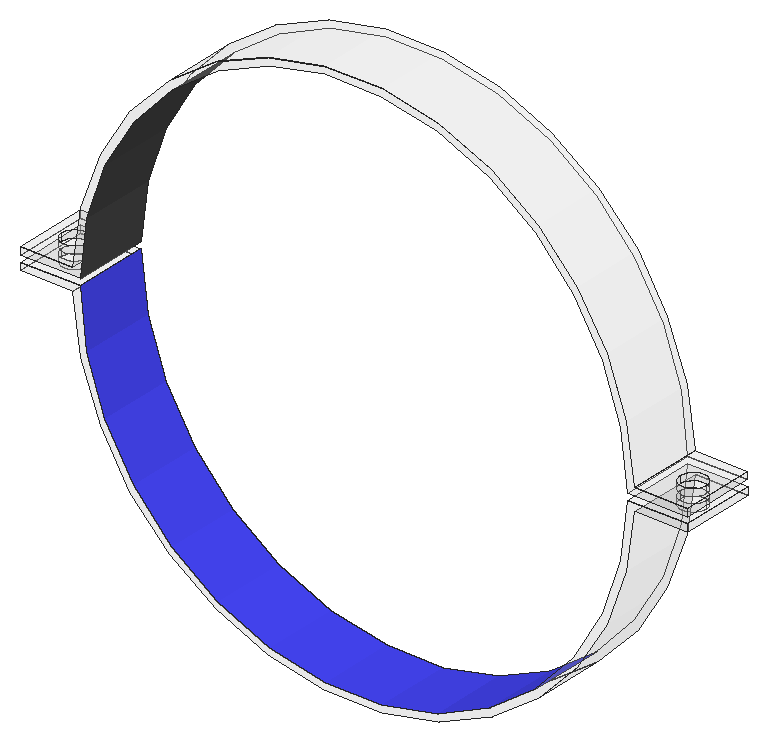
Revit family "Edelstahlrohrschelle V2A, ohne AG, ohne VS, Ø321-410", category HLS-Bauteile, Revit 2017
Family settings
  Bemaßung runder Anschluss = Durchmesser verwenden
  Teiletyp = Normal
  Arbeitsebenenbasiert = Ja
  Immer vertikal = Nein
  Beim Laden mit Abzugskörper schneiden = Nein
  Gemeinsam genutzt = Ja
  Raumberechnungspunkt = Nein
Parameters (values of type "Edelstahlrohrschelle V2A, o.AG, o.VS, Ø356-360")
  vpe = "1 St"
  min. Rohraußendurchmesser = 356 mm
  max. zul. Last vertikal = 0.00 kN
  max. zul. Last horizontal = 0.00 kN
  max. Temperaturbeständigkeit = ""
  max. Rohraußendurchmesser = 360 mm
  für Gewinde = ""
  Default Elevation = 1219.2 mm
  Verschluss-Schraube = ""
  Verschluss = "Schraubenverschluss"
  Stärke Material = 0 mm
  S = Dmax + 2 * MD + DF2  # 407 mm
  Rohraußendurchmesser Zoll = " Zoll"
  Rohraußendurchmesser = 0 mm
  Regelhalter [instance] = ""
  Randabstand Lochung = ""
  RM = D / 2 + MD  # 185 mm
  R = D / 2  # 180 mm
  Nennweite DN Rohr = 0 mm
  Mengeneinheit = "St"
  Materialmaße = "50x5,0 mm"
  Material = "Edelstahl"
  MD = 5 mm
  MB = 50 mm
  Lochdurchmesser = ""
  Kurztext2 = "356 - 360 mm ohne Anschluss"
  Kurztext1 = "Rohrschelle Edelstahl V2A 50x5,0"
  Höhe = " mm"
  HGA = 0 mm
  H = A + D + MD  # 370 mm
  Gewicht pro Bauteil = Gewicht  # 2.30 kg
  Gewicht = 2.30 kg
  Firma = "MEFA Befestigungs- und Montagesysteme GmbH"
  Fabrikat = "MEFA"
  EAN = "4250928411662"
  Dmin = 356 mm
  Dmax = 360 mm
  DVS = 17 mm
  DF2 = 37 mm
  DF1 = 32 mm
  D = 360 mm
  Breite Material = ""
  Brandschutz = ""
  Baustoffklasse = ""
  Bauart = "zweiteilig"
  B = S + DF1  # 439 mm
  Artikelnummer = "0465051"
  Anschlußhöhe = " mm"
  Anschluss = "ohne Anschluss"
  Achsabstand = "407 mm"
  AB = D - Dmin  # 4 mm
  A = MD + HGA  # 5 mm
Types (5, lengths in mm): name | min. Rohraußendurchmesser | max. Rohraußendurchmesser | S | RM | R | Kurztext2 | H | Gewicht pro Bauteil | Gewicht | EAN | Dmin | Dmax | D | B | Artikelnummer | Achsabstand | AB
  (no name) | 356 | 360 | 407 | 185 | 180 | "356 - 360 mm ohne Anschluss" | 370 | 2.30 kg | 2.30 kg | "4250928411662" | 356 | 360 | 360 | 439 | "0465051" | "407 mm" | 4
  Edelstahlrohrschelle V2A, o.AG, o.VS, Ø321-325 | 321 | 325 | 372 | 167.5 | 162.5 | "321 - 325 mm ohne Anschluss" | 335 | 2.10 kg | 2.10 kg | "4250928411655" | 321 | 325 | 325 | 404 | "0465046" | "372 mm" | 4
  Edelstahlrohrschelle V2A, o.AG, o.VS, Ø356-360 | 356 | 360 | 407 | 185 | 180 | "356 - 360 mm ohne Anschluss" | 370 | 2.30 kg | 2.30 kg | "4250928411662" | 356 | 360 | 360 | 439 | "0465051" | "407 mm" | 4
  Edelstahlrohrschelle V2A, o.AG, o.VS, Ø361-370 | 361 | 370 | 417 | 190 | 185 | "361 - 370 mm ohne Anschluss" | 380 | 2.327 kg | 2.327 kg | "4250928411679" | 361 | 370 | 370 | 449 | "0465052" | "416 mm" | 9
  Edelstahlrohrschelle V2A, o.AG, o.VS, Ø401-410 | 401 | 410 | 457 | 210 | 205 | "401 - 410 mm ohne Anschluss" | 420 | 2.556 kg | 2.556 kg | "4250928411686" | 401 | 410 | 410 | 489 | "0465056" | "456 mm" | 9
Reference planes
  plane 1 "Mitte (Vorne/hinten)": y = 0
  plane 2: z = 0
  plane 3 "Mitte (Links/rechts)": x = 0
  plane 4: x = 180
  plane 5: x = -180
  plane 6: x = 203.5
  plane 7: x = -203.5
  plane 8: x = 219.5
  plane 9: x = -219.5
  plane 10: z = 2
  plane 11: z = -2
  plane 12: z = 185
Forms (mm)
  Sweep 1, solid, material "MEFA Edelstahl V2A", detail levels medium+fine
    path origin (0, 0, 0) x (1, 0, 0) y (0, 0, 1)
      loop
        line (219.5, 2) -> (179.989, 2)
        arc (179.989, 2) -> (0, 180) -> (-179.989, 2) r 180
        line (-179.989, 2) -> (-219.5, 2)
    profile origin (0, 0, 180) x (0, 0, -1) y (0, -1, 0)
      loop
        line (-5, -25) -> (0, -25) -> (0, 25) -> (-5, 25) -> (-5, -25)
  Sweep 2, solid, material "MEFA Edelstahl V2A", detail levels medium+fine
    path origin (0, 0, 0) x (1, 0, 0) y (0, 0, -1)
      loop
        line (219.5, 2) -> (179.989, 2)
        arc (179.989, 2) -> (0, 180) -> (-179.989, 2) r 180
        line (-179.989, 2) -> (-219.5, 2)
    profile origin (0, 0, -180) x (0, 0, -1) y (0, -1, 0)
      loop
        line (5, -25) -> (5, 25) -> (0, 25) -> (0, -25) -> (5, -25)
  Extrusion 3, void
    sketch origin (0, 0, 0) x (1, 0, 0) y (0, 1, 0)
      loop
        circle (-203.5, 0) r 8.5
    from -50 to 50
  Extrusion 4, void
    sketch origin (0, 0, 0) x (-1, 0, 0) y (0, -1, 0)
      loop
        circle (-203.5, 0) r 8.5
    from -50 to 50
Cuts and joins
  Extrusion 3, Extrusion 4 cuts Sweep 1
  Extrusion 3, Extrusion 4 cuts Sweep 2
Lines and regions (mm)
  model lines, detail levels fine
    curve 1: line (0, 0, 15) -> (0, 0, -15)
    curve 2: line (0, 15.592, 0) -> (0, -14.408, 0)
    curve 3: line (15, 0, 0) -> (-15, 0, 0)
    curve 4: line (-203.5, 16.323, 0) -> (-203.5, -15.841, 0)
    curve 5: line (203.5, 16.323, 0) -> (203.5, -15.841, 0)
    curve 6: line (-216, 0, 0) -> (-191, 0, 0)
    curve 7: line (191, 0, 0) -> (216, 0, 0)
    curve 8: line (203.5, 0, 20) -> (203.5, 0, -20)
    curve 9: line (-203.5, 0, 20) -> (-203.5, 0, -20)
  model lines, detail levels coarse
    curve 10: circle (0, 0, 0) r 180 normal (0, -1, 0)
Dimensions and locks
  equal spacing: plane 5, plane 3 "Mitte (Links/rechts)", plane 4
  equal spacing: plane 7, plane 3 "Mitte (Links/rechts)", plane 6
  equal spacing: plane 9, plane 3 "Mitte (Links/rechts)", plane 8
  "D": plane 5 to plane 4
  "S": plane 7 to plane 6
  "B": plane 9 to plane 8
  equal spacing: plane 11, level, plane 10
  "AB": plane 11 to plane 10
  "MB": Sweep 1 sketch curve to Sweep 1 sketch curve
  "MD": Sweep 1 sketch curve to Sweep 1 sketch curve
  "MB": Sweep 2 sketch curve to Sweep 2 sketch curve
  "MD": Sweep 2 sketch curve to Sweep 2 sketch curve
  "RM": plane 12 to level
  equal spacing: Sweep 1 sketch curve, profile plane, Sweep 1 sketch curve
  equal spacing: Sweep 2 sketch curve, profile plane, Sweep 2 sketch curve
  "D": diameter of Sweep 1 sketch curve
  "D": diameter of Sweep 2 sketch curve
  "DVS": diameter of Extrusion 3 sketch curve
  "DVS": diameter of Extrusion 4 sketch curve
  "D": diameter of curve 10
  aligned and locked: level to plane 2
  aligned and locked: plane 8 to Sweep 1 sketch curve
  aligned and locked: plane 10 to Sweep 1 sketch curve  (x2)
  aligned and locked: plane 3 "Mitte (Links/rechts)" to curve 1
  aligned and locked: curve 2 to level
  aligned and locked: curve 3 to level
  aligned and locked: plane 7 to curve 4
  aligned and locked: plane 1 "Mitte (Vorne/hinten)" to curve 6
  aligned and locked: plane 1 "Mitte (Vorne/hinten)" to curve 7
  aligned and locked: plane 6 to curve 5
  aligned and locked: curve 8 to plane 6
  aligned and locked: curve 9 to plane 7
Automatic sketch dimensions
  plane 9 to Sweep 1 sketch curve = 0 mm
  Sweep 1 sketch curve to level = 0 mm
  Sweep 1 sketch curve to plane 3 "Mitte (Links/rechts)" = 0 mm
  Sweep 1 sketch curve to plane 10 = 0 mm
  plane 8 to Sweep 1 sketch curve = 0 mm
  plane 9 to Sweep 2 sketch curve = 0 mm
  Sweep 2 sketch curve to plane 11 = 0 mm  (x3)
  Sweep 2 sketch curve to level = 0 mm
  Sweep 2 sketch curve to plane 3 "Mitte (Links/rechts)" = 0 mm
  plane 8 to Sweep 2 sketch curve = 0 mm
  plane 1 "Mitte (Vorne/hinten)" to curve 2 = 14.408 mm
  curve 2 to plane 1 "Mitte (Vorne/hinten)" = 15.592 mm
  plane 1 "Mitte (Vorne/hinten)" to curve 4 = 15.841 mm
  curve 6 to plane 9 = 3.5 mm
  plane 5 to curve 6 = 11 mm
  curve 7 to plane 4 = 11 mm
  plane 8 to curve 7 = 3.5 mm
  plane 1 "Mitte (Vorne/hinten)" to curve 5 = 15.841 mm
  curve 5 to plane 1 "Mitte (Vorne/hinten)" = 16.323 mm
  curve 4 to plane 1 "Mitte (Vorne/hinten)" = 16.323 mm
  curve 10 to level = 0 mm
  curve 10 to plane 3 "Mitte (Links/rechts)" = 0 mm
  curve 3 to plane 3 "Mitte (Links/rechts)" = 15 mm
  plane 3 "Mitte (Links/rechts)" to curve 3 = 15 mm
  curve 1 to plane 11 = 13 mm
  curve 8 to plane 11 = 18 mm
  curve 9 to plane 11 = 18 mm
  plane 10 to curve 1 = 13 mm
  plane 10 to curve 8 = 18 mm
  plane 10 to curve 9 = 18 mm
  Sweep 1 sketch curve to profile plane = 0 mm
  Sweep 2 sketch curve to profile plane = 0 mm
  plane 1 "Mitte (Vorne/hinten)" to Extrusion 3 sketch curve = 0 mm
  Extrusion 3 sketch curve to plane 7 = 0 mm
  plane 1 "Mitte (Vorne/hinten)" to Extrusion 4 sketch curve = 0 mm
  Extrusion 4 sketch curve to plane 6 = 0 mm
